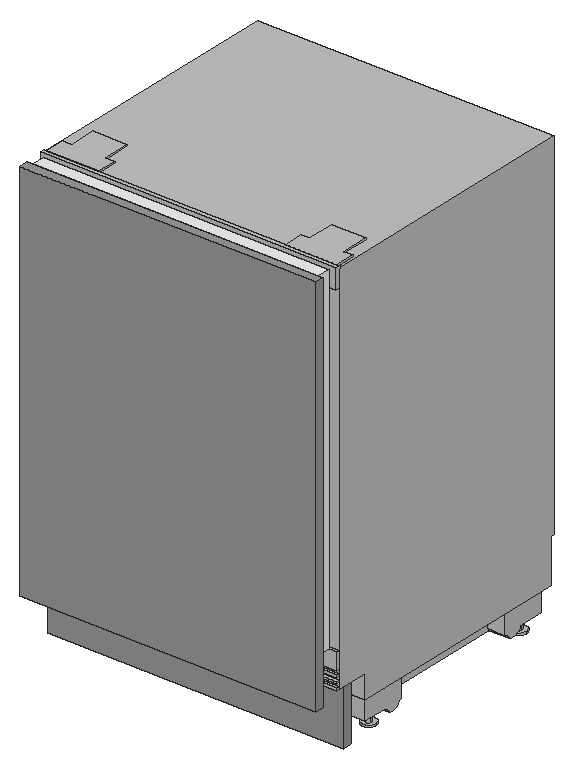
Revit family "FP-Revit19-en-RS6009V2RT1-RS6009V2R1-RS6009SBLT1-RS6009SBL1-integrated-refrigerator-0-90003378A", category Specialty Equipment, Revit 2019
Family settings
  Round Connector Dimension = Use Diameter
  Part Type = Normal
  OmniClass Number = 23.40.40.11.11
  OmniClass Title = Refrigerators and Freezers
  Work Plane-Based = No
  Always vertical = Yes
  Cut with Voids When Loaded = Yes
  Shared = No
  Room Calculation Point = No
Parameters (values of type "RS6009SBL1")
  Visibility - Toe Kick Panel [instance] = yes
  Visibility - Clearance Required RH [instance] = no
  Visibility - Clearance Required LH [instance] = yes
  URL = "www.fisherpaykel.com"
  Door Panel (with window) [instance] = no
  Panel - Height = 771 mm
  Panel - Width [instance] = 592 mm
  Panel - Thickness [instance] = 18 mm
  Door Panel (no window) [instance] = yes
  Product - Width = 592 mm  # constant formula
  Product - Height [instance] = ([Cavity - Height (864mm - 920mm)])  # 870 mm
  Product - Depth (exl front panel) = 579 mm  # constant formula
  Model = "RS6009SBL1"
  Material - Door Structure = Fisher & Paykel - White
  Material - Door Front [instance] = Oak, White
  Material - Body = Fisher & Paykel - Grey
  Manufacturer = "Fisher & Paykel Appliances"
  Handle Style - Professional Round Flush (AHP3RD09) [instance] = no
  Handle Style - Contemporary Square Fine Black (AHD5RD09B) [instance] = no
  Handle Style - Contemporary Square Fine (AHD5RD09) [instance] = no
  Handle Style - Contemporary Round (AHSRD09) [instance] = no
  Handle Style - Classic Round (AHCLRD09) [instance] = no
  Handle Offset = 62.95 mm
  Description = "60cm Integrated Beverage Centre"
  Depth of toe kick (excl. door and toe kick panels) [instance] = 70 mm
  Connector Description - Electrical = "230 V, 50 Hz, 10 A circuit"
  Cavity - Width = 600 mm  # constant formula
  Cavity - Height (864mm - 920mm) [instance] = 870 mm
  Cavity - Depth (600mm min with services external) = 600 mm
Types (5, lengths in mm): name | Visibility - Clearance Required RH | Visibility - Clearance Required LH | Door Panel (with window) | Door Panel (no window) | Model | Handle Offset | Description
  (no name) | no | yes | no | yes | "RS6009SBL1" | 62.95 | "60cm Integrated Beverage Centre"
  RS6009V2RT1 | yes | no | yes | no | "RS6009V2RT1" | 529 | "60cm Integrated Wine Cabinet"
  RS6009SBL1 | no | yes | no | yes | "RS6009SBL1" | 62.95 | "60cm Integrated Beverage Centre"
  RS6009V2R1 | yes | no | no | yes | "RS6009V2R1" | 529 | "60cm Integrated Wine Cabinet"
  RS6009SBLT1 | no | yes | yes | no | "RS6009SBLT1" | 62.95 | "60cm Integrated Beverage Centre"
Reference planes
  plane 1 "Datum": y = 0
  plane 2: z = 0
  plane 3 "Center (Left/Right)": x = 0
  plane 4 "Product LHS": x = -296
  plane 5 "Product RHS": x = 296
  plane 6 "Cavity LHS": x = -300
  plane 7 "Cavity RHS": x = 300
  plane 8 "Cavity - Depth": y = 582
  plane 9 "Cavity Height": z = 870
  plane 10 "Panel Thickness": y = -18
  plane 11 "Base": z = 15.3
  plane 12 "Top of Panel": z = 867
  plane 13 "Product - Depth": y = 579
  plane 14 "handle - offset": x = 233.05
  plane 15 "Handle - Centre": z = 497
  plane 16 "Bottom of Panel": z = 96
Forms (mm)
  Extrusion 1, solid, material "Fisher & Paykel - Grey" <- "Material - Body"
    sketch origin (0, 0, 0) x (0, 1, 0) y (0, 0, 1)
      loop
        line (105, 63.3) -> (571, 63.3) -> (571, 151) -> (579, 151) -> (579, 867) -> (43, 867) -> (43, 111) -> (105, 111) -> (105, 63.3)
    from -296 to 296
  Extrusion 2, solid, material "Fisher & Paykel - Grey" <- "Material - Body"
    sketch origin (0, 0, 0) x (1, 0, 0) y (0, 0, 1)
      loop
        circle (87.01, 32.007) r 5
    from -579 to -571
  Extrusion 3, solid, material "Oak, White" <- "Material - Door Front", visible <- "Door Panel (no window)"
    sketch origin (0, 0, 21.503) x (0, 1, 0) y (0, 0, 1)
      loop
        line (-18, 845.497) -> (-18, 74.497) -> (0, 74.497) -> (0, 845.497) -> (-18, 845.497)
    from -296 to 296
  Extrusion 4, solid, material "Fisher & Paykel - White" <- "Material - Door Structure"
    sketch origin (0, 0, 0) x (1, 0, 0) y (0, 1, 0)
      loop
        line (-286, 29) -> (-286, 1.5) -> (286, 1.5) -> (286, 29) -> (-286, 29)
    from 184.7 to 865.7
  Extrusion 5, solid, material "Fisher & Paykel - White" <- "Material - Door Structure"
    sketch origin (0, 0, 0) x (1, 0, 0) y (0, 1, 0)
      loop
        line (-275, 43) -> (-275, 29) -> (275, 29) -> (275, 43) -> (-275, 43)
    from 185 to 830
  Extrusion 6, solid, material "Fisher & Paykel - Clearance Required", visible <- "Visibility - Clearance Required LH", detail levels coarse
    sketch origin (0, -8.858, 0) x (1, 0, 0) y (0, 1, 0)
      loop
        line (296, -9.142) -> (300, -9.142) -> (300, 590.858) -> (-300, 590.858) -> (-300, -9.142) -> (-539.267, -524.083)
        arc (-539.267, -524.083) -> (23.116, -501.405) -> (296, -9.142) r 574.255
    from 0 to 870
  Extrusion 7, solid, material "Fisher & Paykel - Grey" <- "Material - Body", detail levels fine
    sketch origin (0, 0, 0) x (0, 1, 0) y (0, 0, 1)
      loop
        line (36, 179.6) -> (36, 146.3) -> (43, 146.3) -> (43, 179.6) -> (36, 179.6)
      loop
        line (36, 138.3) -> (36, 134.3) -> (43, 134.3) -> (43, 138.3) -> (36, 138.3)
      loop
        line (36, 115) -> (36, 111) -> (43, 111) -> (43, 115) -> (36, 115)
      loop
        line (36, 126.65) -> (36, 122.65) -> (43, 122.65) -> (43, 126.65) -> (36, 126.65)
      loop
        line (33.9, 870) -> (33.9, 830) -> (43, 830) -> (43, 870) -> (33.9, 870)
    from -296 to 296
  Extrusion 8, solid, material "Fisher & Paykel - Grey" <- "Material - Body"
    sketch origin (0, 0, 0) x (0, 1, 0) y (0, 0, 1)
      loop
        line (105, 63.3) -> (105, 15.3) -> (571, 15.3) -> (571, 63.3) -> (105, 63.3)
    from -256 to 256
  Extrusion 9, solid, material "Oak, White" <- "Material - Door Front", visible <- "Visibility - Toe Kick Panel"
    sketch origin (0, 0, 0) x (0, 1, 0) y (0, 0, 1)
      loop
        line (52, 110.303) -> (52, 0) -> (70, 0) -> (70, 110.303) -> (52, 110.303)
    from -296 to 296
  Extrusion 10, solid, material "Fisher & Paykel - Grey" <- "Material - Body"
    sketch origin (0, 0, 0) x (1, 0, 0) y (0, 1, 0)
      loop
        circle (276, 517.6) r 14.483
      loop
        circle (276, 140.6) r 14.5
      loop
        circle (-276, 517.6) r 14.483
      loop
        circle (-276, 140.6) r 14.5
    from 0 to 3
  Extrusion 11, solid, material "Fisher & Paykel - Grey" <- "Material - Body"
    sketch origin (0, 0, 0) x (1, 0, 0) y (0, 1, 0)
      loop
        circle (276, 517.6) r 5
      loop
        circle (276, 140.6) r 5
      loop
        circle (-276, 517.6) r 5
      loop
        circle (-276, 140.6) r 5
    from 3 to 63.3
  Extrusion 12, solid, material "Fisher & Paykel - Grey" <- "Material - Body", detail levels fine
    sketch origin (0, 0, 0) x (0, 1, 0) y (0, 0, 1)
      loop
        line (70, 71) -> (105, 71) -> (105, 111) -> (70, 111) -> (70, 71)
    from 224 to 226
  Extrusion 13, solid, material "Fisher & Paykel - Grey" <- "Material - Body", detail levels fine
    sketch origin (0, 0, 0) x (0, 1, 0) y (0, 0, -1)
      loop
        line (70, -71) -> (70, -111) -> (105, -111) -> (105, -71) -> (70, -71)
    from 224 to 226
  Extrusion 14, void
    sketch origin (0, 1000, 0) x (1, 0, 0) y (0, 1, 0)
      loop
        line (-300, -418) -> (-300, -1018) -> (300, -1018) -> (300, -418) -> (-300, -418)
    from 0 to 870
  Extrusion 15, solid, material "Oak, White" <- "Material - Door Front", visible <- "Door Panel (with window)"
    sketch origin (0, 0, -1.5) x (1, 0, 0) y (0, 0, 1)
      loop
        line (-296, 868.5) -> (-296, 97.5) -> (296, 97.5) -> (296, 868.5) -> (-296, 868.5)
      loop
        line (201.95, 259.5) -> (201.95, 755.5) -> (-202, 755.5) -> (-202, 259.5) -> (201.95, 259.5)
    from 0 to 18
  Extrusion 16, solid, material "Fisher & Paykel - Black", visible <- "Door Panel (with window)"
    sketch origin (0, 0, 0) x (1, 0, 0) y (0, 0, 1)
      loop
        line (201.95, 754) -> (-202, 754) -> (-202, 258) -> (201.95, 258) -> (201.95, 754)
    from 0 to 1
  Extrusion 17, solid, material "Fisher & Paykel - Grey" <- "Material - Body", detail levels medium+fine
    sketch origin (0, 0, 0) x (0, 1, 0) y (0, 0, 1)
      loop
        line (199.6, 63.3) -> (109.6, 63.3) -> (109.6, 22.3) -> (161.9, 22.3)
        arc (161.9, 22.3) -> (179.6, 10.207) -> (197.3, 22.3) r 19
        line (197.3, 22.3) -> (199.6, 22.3) -> (199.6, 63.3)
      loop
        line (460.6, 63.3) -> (460.6, 22.3) -> (462.9, 22.3)
        arc (462.9, 22.3) -> (480.6, 10.207) -> (498.3, 22.3) r 19
        line (498.3, 22.3) -> (550.6, 22.3) -> (550.6, 63.3) -> (460.6, 63.3)
    from 256 to 293
  Extrusion 18, solid, material "Fisher & Paykel - Clearance Required", visible <- "Visibility - Clearance Required RH", detail levels coarse
    sketch origin (0, -8.858, 0) x (-1, 0, 0) y (0, -1, 0)
      loop
        arc (296, 9.142) -> (23.116, 501.405) -> (-539.267, 524.083) r 574.255
        line (-539.267, 524.083) -> (-300, 9.142) -> (-300, -590.858) -> (300, -590.858) -> (300, 9.142) -> (296, 9.142)
    from 0 to 870
  Extrusion 19, solid, material "Fisher & Paykel - Grey" <- "Material - Body"
    sketch origin (0, 0, 0) x (0, 1, 0) y (0, 0, -1)
      loop
        line (199.6, -63.3) -> (199.6, -22.3) -> (197.3, -22.3)
        arc (197.3, -22.3) -> (179.6, -10.207) -> (161.9, -22.3) r 19
        line (161.9, -22.3) -> (109.6, -22.3) -> (109.6, -63.3) -> (199.6, -63.3)
      loop
        line (460.6, -63.3) -> (550.6, -63.3) -> (550.6, -22.3) -> (498.3, -22.3)
        arc (498.3, -22.3) -> (480.6, -10.207) -> (462.9, -22.3) r 19
        line (462.9, -22.3) -> (460.6, -22.3) -> (460.6, -63.3)
    from 256 to 293
  Extrusion 20, solid, material "Fisher & Paykel - Grey" <- "Material - Body"
    sketch origin (0, 0, 870) x (1, 0, 0) y (0, 1, 0)
      loop
        line (-273, 137) -> (-273, 83) -> (-291, 83) -> (-291, 43) -> (-187, 43) -> (-187, 83) -> (-205, 83) -> (-205, 137) -> (-273, 137)
      loop
        line (273, 137) -> (205, 137) -> (205, 83) -> (187, 83) -> (187, 43) -> (291, 43) -> (291, 83) -> (273, 83) -> (273, 137)
    from -3 to 0
Cuts and joins
  joined: Extrusion 1, Extrusion 8, Extrusion 20
Lines and regions (mm)
  model lines, style "Fisher & Paykel", detail levels coarse
    curve 1: line (-296, 579, 870) -> (296, 579, 870)
    curve 2: line (-296, 0, 870) -> (-296, 579, 870)
    curve 3: line (296, 0, 870) -> (-296, 0, 870)
    curve 4: line (296, 579, 870) -> (296, 0, 870)
Text (mm)
  text "Due to ongoing product development, product details are subject to change without notice. \nPlease always refer to www.fisherpaykel.com for the most current product information. \n© Fisher & Paykel 2020" at (41.04, -678.295, 0), in view "Ref. Level (Plan)"
Dimensions and locks
  equal spacing: plane 4 "Product LHS", plane 3 "Center (Left/Right)", plane 5 "Product RHS"
  "Product - Width": plane 4 "Product LHS" to plane 5 "Product RHS"
  equal spacing: plane 6 "Cavity LHS", plane 3 "Center (Left/Right)", plane 7 "Cavity RHS"
  "Cavity - Width": plane 6 "Cavity LHS" to plane 7 "Cavity RHS"
  Extrusion 2 sketch curve to plane 5 "Product RHS" = 208.99 mm
  "Panel - Thickness": Extrusion 9 to Extrusion 9
  "Depth of toe kick (excl. door and toe kick panels)": plane 1 "Datum" to Extrusion 9
  "Panel - Thickness": plane 10 "Panel Thickness" to plane 1 "Datum"
  locked: Extrusion 9 to cut or joined group of Extrusion 1, Extrusion 8, Extrusion 20 at 0.697
  equal spacing: Extrusion 3, plane 3 "Center (Left/Right)", Extrusion 3
  "Panel - Width": Extrusion 3 to Extrusion 3
  "Cavity - Depth (600mm min with services external)": plane 10 "Panel Thickness" to plane 8 "Cavity - Depth"
  equal spacing: Extrusion 15, plane 3 "Center (Left/Right)", Extrusion 15
  "Panel - Width": Extrusion 15 to Extrusion 15
  locked: cut or joined group of Extrusion 1, Extrusion 8, Extrusion 20 to plane 9 "Cavity Height" at 3  (x2)
  locked: Extrusion 4 to plane 9 "Cavity Height" at 4.3
  locked: Extrusion 5 to plane 9 "Cavity Height" at 40
  locked: cut or joined group of Extrusion 1, Extrusion 8, Extrusion 20 to plane 11 "Base" at 95.7
  "Product - Depth (exl front panel)": plane 1 "Datum" to plane 13 "Product - Depth"
  "Handle Offset": plane 14 "handle - offset" to plane 5 "Product RHS"
  locked: plane 9 "Cavity Height" to plane 11 "Base" at 854.7
  "Cavity - Height (864mm - 920mm)": plane 9 "Cavity Height" to level
  locked: Extrusion 4 to plane 9 "Cavity Height" at 685.3
  locked: Extrusion 5 to plane 9 "Cavity Height" at 685
  locked: plane 9 "Cavity Height" to Extrusion 7 at 690.4
  plane 15 "Handle - Centre" to plane 12 "Top of Panel" = 370 mm
  plane 12 "Top of Panel" to plane 9 "Cavity Height" = 3 mm
  locked: plane 12 "Top of Panel" to Extrusion 15 at 113
  Extrusion 16 to plane 3 "Center (Left/Right)" to Extrusion 16 = 202 mm locked, 201.95 mm locked
  locked: Extrusion 15 to Extrusion 15 at 496
  "Panel - Height": plane 16 "Bottom of Panel" to plane 12 "Top of Panel"
  locked: Extrusion 20 sketch curve to Extrusion 20 sketch curve at 104  (x2)
  locked: plane 11 "Base" to cut or joined group of Extrusion 1, Extrusion 8, Extrusion 20 at 48
  locked: cut or joined group of Extrusion 1, Extrusion 8, Extrusion 20 to plane 13 "Product - Depth" at 474
  radius of Extrusion 2 sketch curve = 5 mm
  aligned and locked: level to plane 2
  aligned and locked: Extrusion 1 to plane 5 "Product RHS"
  aligned and locked: plane 4 "Product LHS" to Extrusion 1
  aligned and locked: Extrusion 2 to cut or joined group of Extrusion 1, Extrusion 8, Extrusion 20
  aligned and locked: Extrusion 8 to plane 11 "Base"
  aligned and locked: Extrusion 12 to cut or joined group of Extrusion 1, Extrusion 8, Extrusion 20  (x3)
  aligned and locked: Extrusion 12 to Extrusion 13
  aligned and locked: plane 6 "Cavity LHS" to Extrusion 14
  aligned and locked: Extrusion 14 to plane 7 "Cavity RHS"
  aligned and locked: Extrusion 14 to plane 9 "Cavity Height"
  aligned and locked: Extrusion 14 to level
  aligned and locked: plane 10 "Panel Thickness" to Extrusion 14
  aligned and locked: plane 8 "Cavity - Depth" to Extrusion 14
  aligned and locked: plane 10 "Panel Thickness" to nested 4
  aligned and locked: Extrusion 5 to Extrusion 4
  aligned and locked: Extrusion 15 to plane 1 "Datum"
  aligned and locked: plane 10 "Panel Thickness" to Extrusion 15
  aligned and locked: Extrusion 15 to plane 12 "Top of Panel"
  aligned and locked: Extrusion 3 to plane 12 "Top of Panel"
  aligned and locked: Extrusion 14 to Extrusion 7
  aligned and locked: Extrusion 7 to Extrusion 5
  aligned and locked: Extrusion 15 to Extrusion 16 sketch curve
  aligned and locked: Extrusion 16 to plane 1 "Datum"
  aligned and locked: Extrusion 1 sketch curve to plane 13 "Product - Depth"
  aligned and locked: plane 14 "handle - offset" to nested 4
  aligned and locked: plane 14 "handle - offset" to nested 3
  aligned and locked: plane 14 "handle - offset" to nested 1
  aligned and locked: plane 14 "handle - offset" to nested 2
  aligned and locked: nested 2 to plane 15 "Handle - Centre"
  aligned and locked: nested 4 to plane 15 "Handle - Centre"
  aligned and locked: nested 3 to plane 15 "Handle - Centre"
  aligned and locked: Extrusion 6 to plane 9 "Cavity Height"
  aligned and locked: nested 1 to plane 15 "Handle - Centre"
  aligned and locked: Extrusion 18 to plane 9 "Cavity Height"
  aligned and locked: Extrusion 19 sketch curve to Extrusion 19 sketch curve
  aligned and locked: Extrusion 18 sketch curve to plane 6 "Cavity LHS"
  aligned and locked: Extrusion 18 sketch curve to plane 8 "Cavity - Depth"
  aligned and locked: plane 7 "Cavity RHS" to Extrusion 18 sketch curve
  aligned and locked: Extrusion 6 to plane 7 "Cavity RHS"
  aligned and locked: plane 8 "Cavity - Depth" to Extrusion 6
  aligned and locked: plane 6 "Cavity LHS" to Extrusion 6
  aligned and locked: Extrusion 16 to Extrusion 15  (x2)
  aligned and locked: Extrusion 12 to Extrusion 9
  aligned and locked: Extrusion 13 to Extrusion 9
  aligned and locked: nested 5 to plane 15 "Handle - Centre"
  aligned and locked: plane 14 "handle - offset" to nested 5
  aligned and locked: plane 16 "Bottom of Panel" to Extrusion 15
  aligned and locked: plane 16 "Bottom of Panel" to Extrusion 3
  aligned and locked: Extrusion 3 to Extrusion 20
  aligned and locked: Extrusion 20 to plane 9 "Cavity Height"
  aligned and locked: Extrusion 11 to cut or joined group of Extrusion 1, Extrusion 8, Extrusion 20
  aligned and locked: Extrusion 17 to cut or joined group of Extrusion 1, Extrusion 8, Extrusion 20  (x2)
  aligned and locked: Extrusion 19 to cut or joined group of Extrusion 1, Extrusion 8, Extrusion 20
  aligned and locked: Extrusion 19 sketch curve to Extrusion 17
  aligned and locked: Extrusion 1 to Extrusion 8
  aligned and locked: Extrusion 13 to cut or joined group of Extrusion 1, Extrusion 8, Extrusion 20
  aligned and locked: plane 10 "Panel Thickness" to nested 2
  aligned and locked: plane 10 "Panel Thickness" to nested 3
  aligned and locked: plane 14 "handle - offset" to nested 6
  aligned and locked: plane 10 "Panel Thickness" to nested 6
  aligned and locked: nested 6 to plane 15 "Handle - Centre"
  aligned and locked: plane 10 "Panel Thickness" to nested 1
  aligned and locked: plane 10 "Panel Thickness" to nested 5
  aligned and locked: cut or joined group of Extrusion 1, Extrusion 8, Extrusion 20 to cut or joined group of Extrusion 1, Extrusion 8, Extrusion 20
  aligned and locked: Extrusion 1 to Extrusion 20  (x2)
Automatic sketch dimensions
  Extrusion 3 sketch curve to plane 10 "Panel Thickness" = 0 mm
  Extrusion 3 sketch curve to plane 1 "Datum" = 0 mm
  plane 12 "Top of Panel" to Extrusion 3 sketch curve = 0 mm
  Extrusion 4 sketch curve to plane 1 "Datum" = 1.5 mm
  Extrusion 4 sketch curve to plane 4 "Product LHS" = 10 mm
  plane 5 "Product RHS" to Extrusion 4 sketch curve = 10 mm
  Extrusion 4 sketch curve to Extrusion 4 sketch curve = 27.5 mm
  Extrusion 5 sketch curve to plane 4 "Product LHS" = 21 mm
  plane 5 "Product RHS" to Extrusion 5 sketch curve = 21 mm
  Extrusion 5 sketch curve to plane 1 "Datum" = 29 mm
  Extrusion 5 sketch curve to Extrusion 5 sketch curve = 14 mm
  plane 9 "Cavity Height" to Extrusion 7 sketch curve = 0 mm
  Extrusion 7 sketch curve to plane 1 "Datum" = 33.9 mm
  Extrusion 7 sketch curve to plane 1 "Datum" = 36 mm
  Extrusion 7 sketch curve to Extrusion 7 sketch curve = 0 mm  (x3)
  Extrusion 7 sketch curve to Extrusion 7 sketch curve = 7 mm  (x4)
  Extrusion 7 sketch curve to Extrusion 7 sketch curve = 9.1 mm
  plane 12 "Top of Panel" to Extrusion 7 sketch curve = 37 mm
  Extrusion 7 sketch curve to Extrusion 7 sketch curve = 33.3 mm
  Extrusion 7 sketch curve to Extrusion 7 sketch curve = 8 mm
  Extrusion 7 sketch curve to Extrusion 7 sketch curve = 4 mm  (x3)
  Extrusion 7 sketch curve to Extrusion 7 sketch curve = 7.65 mm  (x2)
  Extrusion 8 sketch curve to plane 11 "Base" = 0 mm
  Extrusion 8 sketch curve to plane 1 "Datum" = 105 mm
  Extrusion 8 sketch curve to plane 13 "Product - Depth" = 8 mm
  Extrusion 9 sketch curve to level = 0 mm
  Extrusion 9 sketch curve to plane 1 "Datum" = 52 mm
  Extrusion 9 sketch curve to Extrusion 9 sketch curve = 18 mm
  Extrusion 10 sketch curve to plane 4 "Product LHS" = 20 mm  (x2)
  plane 5 "Product RHS" to Extrusion 10 sketch curve = 20 mm  (x2)
  Extrusion 10 sketch curve to plane 1 "Datum" = 140.6 mm  (x2)
  Extrusion 10 sketch curve to plane 13 "Product - Depth" = 61.4 mm  (x2)
  Extrusion 11 sketch curve to plane 4 "Product LHS" = 20 mm  (x2)
  plane 5 "Product RHS" to Extrusion 11 sketch curve = 20 mm  (x2)
  Extrusion 11 sketch curve to plane 1 "Datum" = 140.6 mm  (x2)
  Extrusion 11 sketch curve to plane 13 "Product - Depth" = 61.4 mm  (x2)
  Extrusion 12 sketch curve to plane 1 "Datum" = 70 mm
  Extrusion 12 sketch curve to Extrusion 12 sketch curve = 35 mm
  Extrusion 13 sketch curve to plane 1 "Datum" = 70 mm
  Extrusion 13 sketch curve to Extrusion 13 sketch curve = 35 mm
  Extrusion 14 sketch curve to plane 6 "Cavity LHS" = 0 mm
  Extrusion 14 sketch curve to plane 7 "Cavity RHS" = 0 mm
  plane 10 "Panel Thickness" to Extrusion 14 sketch curve = 0 mm
  Extrusion 14 sketch curve to plane 8 "Cavity - Depth" = 0 mm
  Extrusion 18 sketch curve to plane 4 "Product LHS" = 0 mm
  plane 10 "Panel Thickness" to Extrusion 18 sketch curve = 0 mm  (x2)
  plane 7 "Cavity RHS" to Extrusion 18 sketch curve = 239.267 mm
  Extrusion 18 sketch curve to plane 10 "Panel Thickness" = 3.437 mm
  Extrusion 18 sketch curve to plane 5 "Product RHS" = 17.755 mm
  Extrusion 6 sketch curve to plane 6 "Cavity LHS" = 0 mm
  Extrusion 6 sketch curve to plane 5 "Product RHS" = 0 mm
  Extrusion 6 sketch curve to plane 7 "Cavity RHS" = 0 mm
  plane 10 "Panel Thickness" to Extrusion 6 sketch curve = 0 mm  (x2)
  Extrusion 6 sketch curve to plane 8 "Cavity - Depth" = 0 mm
  plane 10 "Panel Thickness" to Extrusion 6 sketch curve = 3.437 mm
  Extrusion 6 sketch curve to plane 4 "Product LHS" = 17.755 mm
  plane 6 "Cavity LHS" to Extrusion 6 sketch curve = 239.267 mm
  Extrusion 16 sketch curve to plane 4 "Product LHS" = 94 mm
  plane 14 "handle - offset" to Extrusion 16 sketch curve = 31.1 mm
  plane 4 "Product LHS" to Extrusion 15 sketch curve = 0 mm
  plane 5 "Product RHS" to Extrusion 15 sketch curve = 0 mm
  plane 12 "Top of Panel" to Extrusion 15 sketch curve = 0 mm
  Extrusion 15 sketch curve to plane 4 "Product LHS" = 94 mm
  plane 14 "handle - offset" to Extrusion 15 sketch curve = 31.1 mm
  plane 12 "Top of Panel" to Extrusion 15 sketch curve = 113 mm
  plane 11 "Base" to Extrusion 3 sketch curve = 80.7 mm
  plane 11 "Base" to Extrusion 7 sketch curve = 164.3 mm
  Extrusion 8 sketch curve to Extrusion 8 sketch curve = 48 mm
  plane 11 "Base" to Extrusion 9 sketch curve = 95.003 mm
  plane 11 "Base" to Extrusion 12 sketch curve = 55.7 mm
  Extrusion 12 sketch curve to Extrusion 12 sketch curve = 40 mm
  plane 11 "Base" to Extrusion 13 sketch curve = 95.7 mm
  Extrusion 13 sketch curve to Extrusion 13 sketch curve = 40 mm
  plane 15 "Handle - Centre" to Extrusion 15 sketch curve = 239 mm
  plane 11 "Base" to Extrusion 15 sketch curve = 80.7 mm
  plane 15 "Handle - Centre" to Extrusion 16 sketch curve = 239 mm
  Extrusion 20 sketch curve to plane 4 "Product LHS" = 5 mm
  Extrusion 20 sketch curve to Extrusion 20 sketch curve = 18 mm  (x3)
  plane 5 "Product RHS" to Extrusion 20 sketch curve = 23 mm
  Extrusion 20 sketch curve to plane 1 "Datum" = 43 mm  (x2)
  Extrusion 20 sketch curve to Extrusion 20 sketch curve = 40 mm  (x4)
  Extrusion 20 sketch curve to Extrusion 20 sketch curve = 54 mm  (x2)
  plane 5 "Product RHS" to Extrusion 20 sketch curve = 5 mm
  Extrusion 1 sketch curve to plane 13 "Product - Depth" = 8 mm
  plane 16 "Bottom of Panel" to Extrusion 1 sketch curve = 32.7 mm
  Extrusion 1 sketch curve to plane 1 "Datum" = 105 mm
  plane 12 "Top of Panel" to Extrusion 1 sketch curve = 0 mm
  Extrusion 1 sketch curve to plane 1 "Datum" = 43 mm
  Extrusion 1 sketch curve to plane 16 "Bottom of Panel" = 15 mm
  Extrusion 1 sketch curve to plane 16 "Bottom of Panel" = 55 mm
  plane 11 "Base" to Extrusion 2 sketch curve = 16.707 mm
  plane 16 "Bottom of Panel" to Extrusion 17 sketch curve = 32.7 mm  (x2)
  Extrusion 17 sketch curve to plane 1 "Datum" = 109.6 mm
  plane 11 "Base" to Extrusion 17 sketch curve = 7 mm  (x4)
  Extrusion 17 sketch curve to Extrusion 17 sketch curve = 52.3 mm
  plane 11 "Base" to Extrusion 17 sketch curve = 13.907 mm  (x2)
  Extrusion 17 sketch curve to Extrusion 17 sketch curve = 17.7 mm  (x2)
  Extrusion 17 sketch curve to Extrusion 17 sketch curve = 2.3 mm  (x2)
  Extrusion 17 sketch curve to plane 13 "Product - Depth" = 118.4 mm
  Extrusion 17 sketch curve to plane 13 "Product - Depth" = 28.4 mm
  plane 16 "Bottom of Panel" to Extrusion 19 sketch curve = 32.7 mm
  Extrusion 19 sketch curve to plane 1 "Datum" = 109.6 mm
  plane 11 "Base" to Extrusion 19 sketch curve = 7 mm  (x4)
  Extrusion 19 sketch curve to Extrusion 19 sketch curve = 52.3 mm
  plane 11 "Base" to Extrusion 19 sketch curve = 13.907 mm  (x2)
  Extrusion 19 sketch curve to Extrusion 19 sketch curve = 17.7 mm  (x2)
  Extrusion 19 sketch curve to Extrusion 19 sketch curve = 2.3 mm  (x2)
  Extrusion 19 sketch curve to plane 13 "Product - Depth" = 118.4 mm
  plane 1 "Datum" to curve 3 = 0 mm
  curve 3 to plane 4 "Product LHS" = 0 mm
  curve 3 to plane 5 "Product RHS" = 0 mm
  curve 2 to plane 13 "Product - Depth" = 0 mm
  radius of Extrusion 10 sketch curve = 14.483 mm  (x2)
  radius of Extrusion 10 sketch curve = 14.5 mm  (x2)
  radius of Extrusion 11 sketch curve = 5 mm  (x4)
Nested families
  nested 1: "F&P Handle Kit - Contemporary Square Fine - Vertical" at (233.05, -18, 497), visible <- "Handle Style - Contemporary Square Fine (AHD5RD09)", type "AHD5RD09 - Contemporary square fine handle (vertical) 494mm"
  nested 2: "F&P Handle Kit - Professional Round Flush - Vertical" at (233.05, -18, 497), visible <- "Handle Style - Professional Round Flush (AHP3RD09)", type "AHP3RD09 - Professional round flush handle (vertical) 444mm"
  nested 3: "F&P Handle Kit - Contemporary Round - Vertical" at (233.05, -18, 497), visible <- "Handle Style - Contemporary Round (AHSRD09)", type "AHSRD09 - Contemporary round handle (vertical) 494mm"
  nested 4: "F&P Handle Kit - Classic Round - Vertical" at (233.05, -18, 497), visible <- "Handle Style - Classic Round (AHCLRD09)", type "AHCLRD09 - Classic round handle (vertical) 494mm"
  nested 5: "F&P Handle Kit - Contemporary Square Fine - Vertical" at (233.05, -18, 497), visible <- "Handle Style - Contemporary Square Fine Black (AHD5RD09B)", type "AHD5RD09B - Contemporary square fine handle Black (vertical) 494mm"
  nested 6: "F&P Handle Kit - Classic Round - Vertical" at (233.05, -18, 497), visible <- "Handle Style - Classic Round (AHCLRD09)", type "AHCLRD09 - Classic round handle (vertical) 494mm"
Connectors
  electrical at (87.01, 579, 32.007), driven by "Connector Description - Electrical"
    settings: on Extrusion 2, index 1, voltage 230 V, apparent load 0 VA, apparent load phase1 0 VA, apparent load phase2 0 VA, apparent load phase3 0 VA, power factor 1, load classification "Other", number of poles 1, system type 30, power factor state 1, is connector primary yes, connector utility no, sub classification motor no, connector description "230 V, 50 Hz, 10 A circuit"
Definition of nested family "F&P Handle Kit - Contemporary Square Fine - Vertical"
  Parameters (values of type "AHD5RD09B - Contemporary square fine handle Black (vertical) 494mm")
    URL = "www.fisherpaykel.com"
    Material - Handle = none
    Manufacturer = "Fisher & Paykel Appliances"
    Handle - Length = 494 mm
  Types (2): name
    AHD5RD09 - Contemporary square fine handle (vertical) 494mm
    AHD5RD09B - Contemporary square fine handle Black (vertical) 494mm
  Reference planes
    plane 1 "Center (Front/Back)": y = 0
    plane 2: z = 0
    plane 3 "Center (Left/Right)": x = 0
    plane 4 "Top": z = 247
    plane 5 "Bottom": z = -247
    plane 6 "Top Standoff": z = 127
    plane 7 "Bottom Standoff": z = -127
  Forms (mm)
    Extrusion 1, solid, material <- "Material - Handle", detail levels fine
      sketch origin (0, 0, 0) x (1, 0, 0) y (0, 1, 0)
        loop
          arc (-6.16, -26.813) -> (-6.554, -27.196) -> (-6.686, -27.728) r 1
          line (-6.686, -27.728) -> (-6.256, -40.035)
          arc (-6.256, -40.035) -> (-5.951, -40.719) -> (-5.257, -41) r 1
          line (-5.257, -41) -> (5.257, -41)
          arc (5.257, -41) -> (5.951, -40.719) -> (6.256, -40.035) r 1
          line (6.256, -40.035) -> (6.686, -27.709)
          arc (6.686, -27.709) -> (6.554, -27.175) -> (6.158, -26.792) r 1
          arc (6.158, -26.792) -> (-0.004, -25.256) -> (-6.16, -26.813) r 13.038
      from -247 to 247
    Extrusion 2, solid, material <- "Material - Handle", detail levels fine
      sketch origin (0, 0, 0) x (1, 0, 0) y (0, 1, 0)
        loop
          arc (6.012, -26.626) -> (6.494, -26.614) -> (6.741, -26.2) r 0.5
          line (6.741, -26.2) -> (7.7, 0) -> (-7.7, 0) -> (-6.742, -26.174)
          arc (-6.742, -26.174) -> (-6.496, -26.587) -> (-6.015, -26.6) r 0.5
          arc (-6.015, -26.6) -> (0.002, -25.156) -> (6.012, -26.626) r 13.136
      from 127 to 247
    Extrusion 3, solid, material <- "Material - Handle", detail levels coarse+medium
      sketch origin (0, 0, 0) x (0, 1, 0) y (0, 0, 1)
        loop
          line (0, 247) -> (-42, 247) -> (-42, -247) -> (0, -247) -> (0, -127) -> (-26.245, -127) -> (-26.245, 127) -> (0, 127) -> (0, 247)
      from -8 to 8
    Extrusion 4, solid, material <- "Material - Handle", detail levels fine
      sketch origin (0, 0, 0) x (1, 0, 0) y (0, 1, 0)
        loop
          arc (6.012, -26.626) -> (6.494, -26.614) -> (6.741, -26.2) r 0.5
          line (6.741, -26.2) -> (7.7, 0) -> (-7.7, 0) -> (-6.742, -26.174)
          arc (-6.742, -26.174) -> (-6.496, -26.587) -> (-6.015, -26.6) r 0.5
          arc (-6.015, -26.6) -> (0.002, -25.156) -> (6.012, -26.626) r 13.136
      from -247 to -127
  Dimensions and locks
    equal spacing: plane 4 "Top", level, plane 5 "Bottom"
    "Handle - Length": plane 4 "Top" to plane 5 "Bottom"
    locked: plane 4 "Top" to plane 6 "Top Standoff" at 120
    locked: plane 7 "Bottom Standoff" to plane 5 "Bottom" at 120
    aligned and locked: level to plane 2
    aligned and locked: plane 4 "Top" to Extrusion 2
    aligned and locked: Extrusion 2 to plane 6 "Top Standoff"
    aligned and locked: plane 4 "Top" to Extrusion 1
    aligned and locked: Extrusion 1 to plane 5 "Bottom"
    aligned and locked: plane 4 "Top" to Extrusion 3 sketch curve
    aligned and locked: plane 6 "Top Standoff" to Extrusion 3 sketch curve
    aligned and locked: plane 7 "Bottom Standoff" to Extrusion 3 sketch curve
    aligned and locked: plane 5 "Bottom" to Extrusion 3 sketch curve
    aligned and locked: Extrusion 4 to plane 5 "Bottom"
    aligned and locked: plane 7 "Bottom Standoff" to Extrusion 4
  Automatic sketch dimensions
    Extrusion 1 sketch curve to plane 3 "Center (Left/Right)" = 6.686 mm
    Extrusion 1 sketch curve to plane 3 "Center (Left/Right)" = 6.256 mm
    Extrusion 1 sketch curve to Extrusion 1 sketch curve = 0.999 mm  (x4)
    plane 3 "Center (Left/Right)" to Extrusion 1 sketch curve = 0.018 mm
    plane 3 "Center (Left/Right)" to Extrusion 1 sketch curve = 5.257 mm
    plane 3 "Center (Left/Right)" to Extrusion 1 sketch curve = 5.687 mm
    plane 1 "Center (Front/Back)" to Extrusion 1 sketch curve = 41 mm
    Extrusion 1 sketch curve to Extrusion 1 sketch curve = 0.965 mm  (x2)
    Extrusion 1 sketch curve to Extrusion 1 sketch curve = 1.706 mm
    Extrusion 1 sketch curve to Extrusion 1 sketch curve = 12.307 mm
    Extrusion 1 sketch curve to Extrusion 1 sketch curve = 12.326 mm
    Extrusion 1 sketch curve to Extrusion 1 sketch curve = 0.035 mm  (x2)
    Extrusion 1 sketch curve to Extrusion 1 sketch curve = 0 mm
    plane 1 "Center (Front/Back)" to Extrusion 2 sketch curve = 0 mm
    Extrusion 2 sketch curve to plane 3 "Center (Left/Right)" = 7.7 mm
    Extrusion 2 sketch curve to plane 3 "Center (Left/Right)" = 6.742 mm
    Extrusion 2 sketch curve to Extrusion 2 sketch curve = 0.5 mm  (x2)
    Extrusion 2 sketch curve to plane 3 "Center (Left/Right)" = 0.026 mm
    plane 3 "Center (Left/Right)" to Extrusion 2 sketch curve = 6.242 mm
    plane 3 "Center (Left/Right)" to Extrusion 2 sketch curve = 7.7 mm
    plane 1 "Center (Front/Back)" to Extrusion 2 sketch curve = 26.155 mm
    Extrusion 2 sketch curve to Extrusion 2 sketch curve = 0.018 mm  (x2)
    Extrusion 2 sketch curve to Extrusion 2 sketch curve = 0.026 mm
    Extrusion 2 sketch curve to Extrusion 2 sketch curve = 12.11 mm
    Extrusion 2 sketch curve to Extrusion 2 sketch curve = 0 mm
    plane 1 "Center (Front/Back)" to Extrusion 3 sketch curve = 42 mm
    Extrusion 3 sketch curve to Extrusion 3 sketch curve = 15.755 mm
    Extrusion 3 sketch curve to Extrusion 3 sketch curve = 42 mm  (x2)
    Extrusion 4 sketch curve to plane 3 "Center (Left/Right)" = 7.7 mm
    Extrusion 4 sketch curve to plane 3 "Center (Left/Right)" = 6.742 mm
    Extrusion 4 sketch curve to Extrusion 4 sketch curve = 0.5 mm  (x2)
    Extrusion 4 sketch curve to plane 3 "Center (Left/Right)" = 0.026 mm
    plane 3 "Center (Left/Right)" to Extrusion 4 sketch curve = 6.242 mm
    plane 3 "Center (Left/Right)" to Extrusion 4 sketch curve = 7.7 mm
    plane 1 "Center (Front/Back)" to Extrusion 4 sketch curve = 38.291 mm
    Extrusion 4 sketch curve to Extrusion 4 sketch curve = 12.091 mm
    Extrusion 4 sketch curve to Extrusion 4 sketch curve = 0.018 mm  (x2)
    Extrusion 4 sketch curve to Extrusion 4 sketch curve = 0.452 mm
    Extrusion 4 sketch curve to Extrusion 4 sketch curve = 26.174 mm
    Extrusion 4 sketch curve to Extrusion 4 sketch curve = 0 mm
Definition of nested family "F&P Handle Kit - Professional Round Flush - Vertical"
  Parameters (values of type "AHP3RD09 - Professional round flush handle (vertical) 444mm")
    URL = "www.fisherpaykel.com"
    Material - Handle = none
    Manufacturer = "Fisher & Paykel Appliances"
    Handle - Length = 444 mm
  Reference planes
    plane 1 "Center (Front/Back)": y = 0
    plane 2: z = 0
    plane 3 "Center (Left/Right)": x = 0
    plane 4 "Top": z = 222
    plane 5 "Bottom": z = -222
    plane 6 "Top Standoff": z = 162
    plane 7 "Bottom Standoff": z = -162
  Forms (mm)
    Extrusion 1, solid, material <- "Material - Handle", detail levels fine
      sketch origin (0, 0, 0) x (1, 0, 0) y (0, 1, 0)
        loop
          arc (-12.817, -46.665) -> (0, -58.016) -> (12.817, -46.665) r 12.912
          line (12.817, -46.665) -> (18.5, 0) -> (-18.5, 0) -> (-12.817, -46.665)
      from 162 to 222
    Extrusion 2, solid, material <- "Material - Handle", detail levels fine
      sketch origin (0, 0, 0) x (1, 0, 0) y (0, 1, 0)
        loop
          arc (-12.817, -46.665) -> (0, -58.016) -> (12.817, -46.665) r 12.912
          line (12.817, -46.665) -> (18.5, 0) -> (-18.5, 0) -> (-12.817, -46.665)
      from -222 to -162
    Extrusion 3, solid, material <- "Material - Handle"
      sketch origin (0, 0, 0) x (1, 0, 0) y (0, 1, 0)
        loop
          circle (0, -45.116) r 12.7
      from -162 to 162
    Sweep 4, void
      path in 3D
        loop
          line (18.5, 0, 222) -> (12.817, -46.665, 222)
          arc (12.817, -46.665, 222) -> (0, -58.016, 222) -> (-12.817, -46.665, 222) r 12.912
          line (-12.817, -46.665, 222) -> (-18.5, 0, 222)
      profile origin (0, -58.016, 222) x (0, -1, 0) y (0, 0, 1)
        loop
          line (0, 0) -> (-1.5, 0) -> (0, -1.5) -> (0, 0)
    Sweep 5, void
      path in 3D
        loop
          line (-18.5, 0, -222) -> (-12.817, -46.665, -222)
          arc (-12.817, -46.665, -222) -> (0, -58.016, -222) -> (12.817, -46.665, -222) r 12.912
          line (12.817, -46.665, -222) -> (18.5, 0, -222)
      profile origin (0, -58.016, -222) x (0, -1, 0) y (0, 0, -1)
        loop
          line (0, 0) -> (-1.5, 0) -> (0, -1.5) -> (0, 0)
    Extrusion 6, solid, material <- "Material - Handle", detail levels coarse+medium
      sketch origin (0, 0, 0) x (1, 0, 0) y (0, 1, 0)
        loop
          arc (-12.817, -46.665) -> (0, -58.016) -> (12.817, -46.665) r 12.912
          line (12.817, -46.665) -> (18.5, 0) -> (-18.5, 0) -> (-12.817, -46.665)
      from 162 to 222
    Extrusion 7, solid, material <- "Material - Handle", detail levels coarse+medium
      sketch origin (0, 0, 0) x (1, 0, 0) y (0, 1, 0)
        loop
          arc (-12.817, -46.665) -> (0, -58.016) -> (12.817, -46.665) r 12.912
          line (12.817, -46.665) -> (18.5, 0) -> (-18.5, 0) -> (-12.817, -46.665)
      from -222 to -162
  Cuts and joins
    Sweep 4 cuts Extrusion 1
    Sweep 5 cuts Extrusion 2
  Lines and regions (mm)
    sketch lines
      curve 1: arc (12.817, -46.665, 222) -> (0, -58.016, 222) -> (-12.817, -46.665, 222) r 12.912
      curve 2: line (12.817, -46.665, 222) -> (18.5, 0, 222)
      curve 3: line (-18.5, 0, 222) -> (-12.817, -46.665, 222)
      curve 4: arc (-12.817, -46.665, -222) -> (0, -58.016, -222) -> (12.817, -46.665, -222) r 12.912
      curve 5: line (18.5, 0, -222) -> (12.817, -46.665, -222)
      curve 6: line (-12.817, -46.665, -222) -> (-18.5, 0, -222)
  Dimensions and locks
    equal spacing: plane 4 "Top", level, plane 5 "Bottom"
    "Handle - Length": plane 4 "Top" to plane 5 "Bottom"
    plane 4 "Top" to plane 6 "Top Standoff" = 60 mm
    plane 7 "Bottom Standoff" to plane 5 "Bottom" = 60 mm
    aligned and locked: level to plane 2
    aligned and locked: plane 4 "Top" to Extrusion 1
    aligned and locked: Extrusion 1 to plane 6 "Top Standoff"
    aligned and locked: Extrusion 2 to plane 5 "Bottom"
    aligned and locked: plane 1 "Center (Front/Back)" to Extrusion 2 sketch curve
    aligned and locked: plane 6 "Top Standoff" to Extrusion 3
    aligned and locked: Extrusion 3 to plane 7 "Bottom Standoff"
    aligned and locked: Extrusion 6 to cut or joined group of Extrusion 1, Sweep 4
    aligned and locked: Extrusion 7 to cut or joined group of Extrusion 2, Sweep 5
    aligned and locked: plane 7 "Bottom Standoff" to Extrusion 7
    aligned and locked: plane 7 "Bottom Standoff" to cut or joined group of Extrusion 2, Sweep 5
    aligned and locked: Extrusion 6 to plane 6 "Top Standoff"
    aligned and locked: cut or joined group of Extrusion 1, Sweep 4 to plane 6 "Top Standoff"
  Automatic sketch dimensions
    plane 1 "Center (Front/Back)" to Extrusion 1 sketch curve = 0 mm
    Extrusion 1 sketch curve to plane 3 "Center (Left/Right)" = 0 mm
    Extrusion 1 sketch curve to plane 3 "Center (Left/Right)" = 12.817 mm
    Extrusion 1 sketch curve to plane 3 "Center (Left/Right)" = 18.5 mm
    plane 3 "Center (Left/Right)" to Extrusion 1 sketch curve = 12.817 mm
    plane 3 "Center (Left/Right)" to Extrusion 1 sketch curve = 18.5 mm
    plane 1 "Center (Front/Back)" to Extrusion 1 sketch curve = 45.104 mm
    Extrusion 1 sketch curve to Extrusion 1 sketch curve = 1.561 mm
    Extrusion 2 sketch curve to plane 3 "Center (Left/Right)" = 0 mm
    Extrusion 2 sketch curve to plane 3 "Center (Left/Right)" = 12.817 mm
    Extrusion 2 sketch curve to plane 3 "Center (Left/Right)" = 18.5 mm
    plane 3 "Center (Left/Right)" to Extrusion 2 sketch curve = 12.817 mm
    plane 3 "Center (Left/Right)" to Extrusion 2 sketch curve = 18.5 mm
    plane 1 "Center (Front/Back)" to Extrusion 2 sketch curve = 45.104 mm
    Extrusion 2 sketch curve to Extrusion 2 sketch curve = 1.561 mm
    Extrusion 3 sketch curve to plane 3 "Center (Left/Right)" = 0 mm
    plane 1 "Center (Front/Back)" to Extrusion 3 sketch curve = 45.116 mm
    Sweep 4 sketch curve to profile plane = 0 mm  (x2)
    profile plane to Sweep 4 sketch curve = 1.5 mm
    Sweep 4 sketch curve to profile plane = 1.5 mm
    profile plane to Sweep 5 sketch curve = 0 mm
    Sweep 5 sketch curve to profile plane = 0 mm
    profile plane to Sweep 5 sketch curve = 1.5 mm
    Sweep 5 sketch curve to profile plane = 1.5 mm
    Extrusion 6 sketch curve to plane 3 "Center (Left/Right)" = 0 mm
    Extrusion 6 sketch curve to plane 3 "Center (Left/Right)" = 12.817 mm
    Extrusion 6 sketch curve to plane 3 "Center (Left/Right)" = 18.5 mm
    plane 3 "Center (Left/Right)" to Extrusion 6 sketch curve = 12.817 mm
    plane 3 "Center (Left/Right)" to Extrusion 6 sketch curve = 18.5 mm
    plane 1 "Center (Front/Back)" to Extrusion 6 sketch curve = 46.665 mm
    Extrusion 6 sketch curve to Extrusion 6 sketch curve = 1.561 mm
    Extrusion 6 sketch curve to Extrusion 6 sketch curve = 46.665 mm
    Extrusion 7 sketch curve to plane 3 "Center (Left/Right)" = 0 mm
    Extrusion 7 sketch curve to plane 3 "Center (Left/Right)" = 12.817 mm
    Extrusion 7 sketch curve to plane 3 "Center (Left/Right)" = 18.5 mm
    plane 3 "Center (Left/Right)" to Extrusion 7 sketch curve = 12.817 mm
    plane 3 "Center (Left/Right)" to Extrusion 7 sketch curve = 18.5 mm
    plane 1 "Center (Front/Back)" to Extrusion 7 sketch curve = 46.665 mm
    Extrusion 7 sketch curve to Extrusion 7 sketch curve = 1.561 mm
    Extrusion 7 sketch curve to Extrusion 7 sketch curve = 46.665 mm
    radius of Extrusion 3 sketch curve = 12.7 mm
Definition of nested family "F&P Handle Kit - Contemporary Round - Vertical"
  Parameters (values of type "AHSRD09 - Contemporary round handle (vertical) 494mm")
    URL = "www.fisherpaykel.com"
    Material - Handle = none
    Manufacturer = "Fisher & Paykel Appliances"
    Keynote = ""
    Handle Standoff - Length = 120 mm
    Handle - Length = 494 mm
    Description = ""
  Reference planes
    plane 1 "Center (Front/Back)": y = 0
    plane 2: z = 0
    plane 3 "Center (Left/Right)": x = 0
    plane 4 "Top": z = 247
    plane 5 "Bottom": z = -247
    plane 6 "Top Standoff": z = 127
    plane 7 "Bottom Standoff": z = -127
  Forms (mm)
    Extrusion 1, solid, material <- "Material - Handle"
      sketch origin (0, 0, 0) x (1, 0, 0) y (0, 1, 0)
        loop
          circle (0, -32.3) r 8.7
      from -127 to 127
    Extrusion 2, solid, material <- "Material - Handle", detail levels fine
      sketch origin (0, 0, 0) x (1, 0, 0) y (0, 1, 0)
        loop
          line (-8.7, 0) -> (-8.7, -32.3)
          arc (-8.7, -32.3) -> (0, -41) -> (8.7, -32.3) r 8.7
          line (8.7, -32.3) -> (8.7, 0) -> (-8.7, 0)
      from 127 to 247
    Extrusion 3, solid, material <- "Material - Handle", detail levels fine
      sketch origin (0, 0, 0) x (1, 0, 0) y (0, 1, 0)
        loop
          line (-8.7, 0) -> (-8.7, -32.3)
          arc (-8.7, -32.3) -> (0, -41) -> (8.7, -32.3) r 8.7
          line (8.7, -32.3) -> (8.7, 0) -> (-8.7, 0)
      from -247 to -127
    Sweep 4, void
      path in 3D
        loop
          line (8.7, 0, -247) -> (8.7, -32.3, -247)
          arc (8.7, -32.3, -247) -> (0, -41, -247) -> (-8.7, -32.3, -247) r 8.7
          line (-8.7, -32.3, -247) -> (-8.7, 0, -247)
      profile origin (8.7, -16.15, -247) x (-1, 0, 0) y (0, 0, -1)
        loop
          line (0, 0) -> (0, -1) -> (1, 0) -> (0, 0)
    Sweep 5, void
      path in 3D
        loop
          line (-8.7, 0, 247) -> (-8.7, -32.3, 247)
          arc (-8.7, -32.3, 247) -> (0, -41, 247) -> (8.7, -32.3, 247) r 8.7
          line (8.7, -32.3, 247) -> (8.7, 0, 247)
      profile origin (8.7, -16.15, 247) x (-1, 0, 0) y (0, 0, 1)
        loop
          line (0, 0) -> (0, -1) -> (1, 0) -> (0, 0)
    Extrusion 6, solid, material <- "Material - Handle", detail levels coarse+medium
      sketch origin (0, 0, 0) x (1, 0, 0) y (0, 1, 0)
        loop
          line (-8.7, 0) -> (-8.7, -32.3)
          arc (-8.7, -32.3) -> (0, -41) -> (8.7, -32.3) r 8.7
          line (8.7, -32.3) -> (8.7, 0) -> (-8.7, 0)
      from 127 to 247
    Extrusion 7, solid, material <- "Material - Handle", detail levels coarse+medium
      sketch origin (0, 0, 0) x (1, 0, 0) y (0, 1, 0)
        loop
          line (-8.7, 0) -> (-8.7, -32.3)
          arc (-8.7, -32.3) -> (0, -41) -> (8.7, -32.3) r 8.7
          line (8.7, -32.3) -> (8.7, 0) -> (-8.7, 0)
      from -247 to -127
  Cuts and joins
    Sweep 4 cuts Extrusion 3
    Sweep 5 cuts Extrusion 2
  Lines and regions (mm)
    sketch lines
      curve 1: line (8.7, 0, -247) -> (8.7, -32.3, -247)
      curve 2: arc (-8.7, -32.3, -247) -> (0, -41, -247) -> (8.7, -32.3, -247) r 8.7
      curve 3: line (-8.7, -32.3, -247) -> (-8.7, 0, -247)
      curve 4: line (8.7, -32.3, 247) -> (8.7, 0, 247)
      curve 5: arc (8.7, -32.3, 247) -> (0, -41, 247) -> (-8.7, -32.3, 247) r 8.7
      curve 6: line (-8.7, 0, 247) -> (-8.7, -32.3, 247)
  Dimensions and locks
    equal spacing: plane 4 "Top", level, plane 5 "Bottom"
    "Handle - Length": plane 4 "Top" to plane 5 "Bottom"
    "Handle Standoff - Length": plane 4 "Top" to plane 6 "Top Standoff"
    "Handle Standoff - Length": plane 7 "Bottom Standoff" to plane 5 "Bottom"
    Extrusion 2 sketch curve to Extrusion 2 sketch curve = 17.4 mm
    Extrusion 3 sketch curve to Extrusion 3 sketch curve = 17.4 mm
    Extrusion 6 sketch curve to Extrusion 6 sketch curve = 17.4 mm
    Extrusion 7 sketch curve to Extrusion 7 sketch curve = 17.4 mm
    aligned and locked: level to plane 2
    aligned and locked: plane 4 "Top" to Extrusion 2
    aligned and locked: Extrusion 3 to plane 5 "Bottom"
    aligned and locked: plane 7 "Bottom Standoff" to Extrusion 3
    aligned and locked: Extrusion 1 to plane 7 "Bottom Standoff"
    aligned and locked: plane 6 "Top Standoff" to Extrusion 1
    aligned and locked: Extrusion 2 to Extrusion 1
    aligned and locked: Extrusion 6 to Extrusion 1
    aligned and locked: plane 4 "Top" to Extrusion 6
    aligned and locked: Extrusion 7 to Extrusion 1
    aligned and locked: Extrusion 7 to plane 5 "Bottom"
  Automatic sketch dimensions
    Extrusion 1 sketch curve to plane 3 "Center (Left/Right)" = 0 mm
    plane 1 "Center (Front/Back)" to Extrusion 1 sketch curve = 32.3 mm
    plane 1 "Center (Front/Back)" to Extrusion 2 sketch curve = 0 mm
    Extrusion 2 sketch curve to plane 3 "Center (Left/Right)" = 0 mm
    Extrusion 2 sketch curve to plane 3 "Center (Left/Right)" = 8.7 mm
    plane 1 "Center (Front/Back)" to Extrusion 2 sketch curve = 32.3 mm
    plane 1 "Center (Front/Back)" to Extrusion 3 sketch curve = 0 mm
    Extrusion 3 sketch curve to plane 3 "Center (Left/Right)" = 0 mm
    Extrusion 3 sketch curve to plane 3 "Center (Left/Right)" = 8.7 mm
    plane 1 "Center (Front/Back)" to Extrusion 3 sketch curve = 32.3 mm
    Sweep 4 sketch curve to profile plane = 0 mm  (x2)
    Sweep 4 sketch curve to profile plane = 1 mm  (x2)
    Sweep 5 sketch curve to profile plane = 0 mm  (x2)
    Sweep 5 sketch curve to profile plane = 1 mm  (x2)
    Extrusion 6 sketch curve to plane 3 "Center (Left/Right)" = 0 mm
    Extrusion 6 sketch curve to plane 3 "Center (Left/Right)" = 8.7 mm
    plane 1 "Center (Front/Back)" to Extrusion 6 sketch curve = 32.3 mm
    Extrusion 6 sketch curve to Extrusion 6 sketch curve = 32.3 mm
    Extrusion 7 sketch curve to plane 3 "Center (Left/Right)" = 0 mm
    Extrusion 7 sketch curve to plane 3 "Center (Left/Right)" = 8.7 mm
    plane 1 "Center (Front/Back)" to Extrusion 7 sketch curve = 32.3 mm
    Extrusion 7 sketch curve to Extrusion 7 sketch curve = 32.3 mm
    radius of Extrusion 1 sketch curve = 8.7 mm
Definition of nested family "F&P Handle Kit - Classic Round - Vertical"
  Parameters (values of type "AHCLRD09 - Classic round handle (vertical) 494mm")
    URL = "www.fisherpaykel.com"
    Material - Handle = none
    Manufacturer = "Fisher & Paykel Appliances"
    Keynote = ""
    Handle Standoff - Length = 80 mm
    Handle - Length = 494 mm
    Description = ""
  Reference planes
    plane 1 "Center (Front/Back)": y = 0
    plane 2: z = 0
    plane 3 "Center (Left/Right)": x = 0
    plane 4 "Top": z = 247
    plane 5 "Bottom": z = -247
    plane 6 "Top Standoff": z = 167
    plane 7 "Bottom Standoff": z = -167
  Forms (mm)
    Extrusion 1, solid, material <- "Material - Handle"
      sketch origin (0, 0, 0) x (1, 0, 0) y (0, 1, 0)
        loop
          circle (0, -44.923) r 10
      from -167 to 167
    Extrusion 2, solid, material <- "Material - Handle", detail levels fine
      sketch origin (0, 0, 0) x (1, 0, 0) y (0, 1, 0)
        loop
          line (-10.498, 0) -> (-10.498, -44.923)
          arc (-10.498, -44.923) -> (0, -55.422) -> (10.498, -44.923) r 10.498
          line (10.498, -44.923) -> (10.498, 0) -> (-10.498, 0)
      from 167 to 247
    Extrusion 3, solid, material <- "Material - Handle", detail levels fine
      sketch origin (0, 0, 0) x (1, 0, 0) y (0, 1, 0)
        loop
          arc (-10.498, -44.923) -> (0, -55.422) -> (10.498, -44.923) r 10.498
          line (10.498, -44.923) -> (10.498, 0) -> (-10.498, 0) -> (-10.498, -44.923)
      from -247 to -167
    Sweep 4, void
      path in 3D
        loop
          line (-10.498, 0, 247) -> (-10.498, -44.923, 247)
          arc (-10.498, -44.923, 247) -> (0, -55.422, 247) -> (10.498, -44.923, 247) r 10.498
          line (10.498, -44.923, 247) -> (10.498, 0, 247)
      profile origin (10.498, -22.462, 247) x (-1, 0, 0) y (0, 0, 1)
        loop
          line (0, 0) -> (0, -1.5) -> (1.5, 0) -> (0, 0)
    Sweep 5, void
      path in 3D
        loop
          line (10.498, 0, -247) -> (10.498, -44.923, -247)
          arc (10.498, -44.923, -247) -> (0, -55.422, -247) -> (-10.498, -44.923, -247) r 10.498
          line (-10.498, -44.923, -247) -> (-10.498, 0, -247)
      profile origin (10.498, -22.462, -247) x (-1, 0, 0) y (0, 0, -1)
        loop
          line (0, 0) -> (0, -1.5) -> (1.5, 0) -> (0, 0)
    Extrusion 6, solid, material <- "Material - Handle", detail levels coarse+medium
      sketch origin (0, 0, 0) x (1, 0, 0) y (0, 1, 0)
        loop
          line (-10.498, 0) -> (-10.498, -44.923)
          arc (-10.498, -44.923) -> (0, -55.422) -> (10.498, -44.923) r 10.498
          line (10.498, -44.923) -> (10.498, 0) -> (-10.498, 0)
      from 167 to 247
    Extrusion 7, solid, material <- "Material - Handle", detail levels coarse+medium
      sketch origin (0, 0, 0) x (1, 0, 0) y (0, 1, 0)
        loop
          arc (-10.498, -44.923) -> (0, -55.422) -> (10.498, -44.923) r 10.498
          line (10.498, -44.923) -> (10.498, 0) -> (-10.498, 0) -> (-10.498, -44.923)
      from -247 to -167
  Cuts and joins
    Sweep 4 cuts Extrusion 2
    Sweep 5 cuts Extrusion 3
  Lines and regions (mm)
    sketch lines
      curve 1: line (10.498, -44.923, 247) -> (10.498, 0, 247)
      curve 2: arc (10.498, -44.923, 247) -> (0, -55.422, 247) -> (-10.498, -44.923, 247) r 10.498
      curve 3: line (-10.498, 0, 247) -> (-10.498, -44.923, 247)
      curve 4: line (10.498, 0, -247) -> (10.498, -44.923, -247)
      curve 5: arc (-10.498, -44.923, -247) -> (0, -55.422, -247) -> (10.498, -44.923, -247) r 10.498
      curve 6: line (-10.498, -44.923, -247) -> (-10.498, 0, -247)
  Dimensions and locks
    equal spacing: plane 4 "Top", level, plane 5 "Bottom"
    "Handle - Length": plane 4 "Top" to plane 5 "Bottom"
    "Handle Standoff - Length": plane 4 "Top" to plane 6 "Top Standoff"
    "Handle Standoff - Length": plane 7 "Bottom Standoff" to plane 5 "Bottom"
    aligned and locked: level to plane 2
    aligned and locked: plane 4 "Top" to Extrusion 2
    aligned and locked: Extrusion 3 to plane 5 "Bottom"
    aligned and locked: plane 7 "Bottom Standoff" to Extrusion 3
    aligned and locked: Extrusion 1 to plane 7 "Bottom Standoff"
    aligned and locked: plane 6 "Top Standoff" to Extrusion 1
    aligned and locked: Extrusion 2 to Extrusion 1
    aligned and locked: plane 4 "Top" to Extrusion 6
    aligned and locked: Extrusion 6 to plane 6 "Top Standoff"
    aligned and locked: Extrusion 7 to plane 5 "Bottom"
    aligned and locked: plane 7 "Bottom Standoff" to Extrusion 7
  Automatic sketch dimensions
    Extrusion 1 sketch curve to plane 3 "Center (Left/Right)" = 0 mm
    plane 1 "Center (Front/Back)" to Extrusion 1 sketch curve = 44.923 mm
    plane 1 "Center (Front/Back)" to Extrusion 2 sketch curve = 0 mm
    Extrusion 2 sketch curve to plane 3 "Center (Left/Right)" = 0 mm
    Extrusion 2 sketch curve to plane 3 "Center (Left/Right)" = 10.498 mm
    plane 1 "Center (Front/Back)" to Extrusion 2 sketch curve = 44.923 mm
    plane 1 "Center (Front/Back)" to Extrusion 3 sketch curve = 0 mm
    Extrusion 3 sketch curve to plane 3 "Center (Left/Right)" = 0 mm
    Extrusion 3 sketch curve to plane 3 "Center (Left/Right)" = 10.498 mm
    Extrusion 3 sketch curve to Extrusion 3 sketch curve = 44.923 mm
    Sweep 4 sketch curve to profile plane = 0 mm  (x2)
    Sweep 4 sketch curve to profile plane = 1.5 mm  (x2)
    Sweep 5 sketch curve to profile plane = 0 mm  (x2)
    Sweep 5 sketch curve to profile plane = 1.5 mm  (x2)
    plane 1 "Center (Front/Back)" to Extrusion 6 sketch curve = 0 mm
    Extrusion 6 sketch curve to plane 3 "Center (Left/Right)" = 0 mm
    Extrusion 6 sketch curve to plane 3 "Center (Left/Right)" = 10.498 mm
    plane 1 "Center (Front/Back)" to Extrusion 6 sketch curve = 44.923 mm
    plane 1 "Center (Front/Back)" to Extrusion 7 sketch curve = 0 mm
    Extrusion 7 sketch curve to plane 3 "Center (Left/Right)" = 0 mm
    Extrusion 7 sketch curve to plane 3 "Center (Left/Right)" = 10.498 mm
    Extrusion 7 sketch curve to Extrusion 7 sketch curve = 44.923 mm
    radius of Extrusion 1 sketch curve = 10 mm
